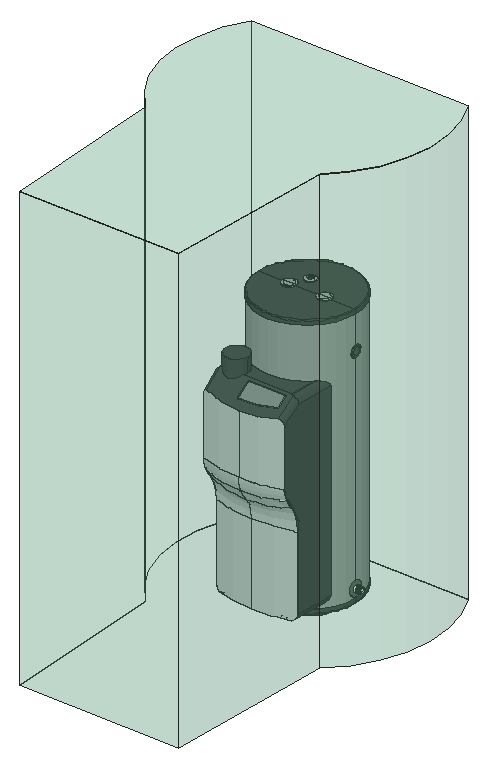
Revit family "Innovo FR_IR 32 380 FR LP", category Mechanical Equipment, Revit 2015
Parameters (values of type "IR-32-380 FR LP")
  largeur d'emballage = 786 mm  # constant formula
  l'Intervalle d'Entretien = "12 mois"  # constant formula
  Workspace Radius = Diameter + 170 mm  # 730 mm
  Workspace Height = Hauteur + 1000 mm  # 2545 mm
  Workspace Front Distance = 1000 mm
  Workspace [instance] = yes
  Valve Height 02 = if(and(Hauteur = 1745 mm, Diameter = 675 mm), 1518 mm, if(and(Hauteur = 1745 mm, Diameter = 610 mm), 1534 mm, if(Hauteur = 1545 mm, 1328 mm, 1070 mm)))  # 1328 mm
  Valve Height 01 = if(and(Diameter > 560 mm), 693 mm, 604 mm)  # 604 mm
  Valeur Maximale du Thermostat de Régulation = 85 °C  # constant formula
  Valeur Manimale du Thermostat de Régulation = 40 °C  # constant formula
  Valeur Défaut du Thermostat de Régulation = 65 °C  # constant formula
  URL = "www.aosmith.fr"
  Type d'Installation = "B23/C13/C33/C43/C53/C63"  # constant formula
  Type d'emballage = "Carton et bois"  # constant formula
  Tension d'Alimentation (-15%, +10%) = 230 V  # constant formula
  Température Maximale des Fumées = 45 °C
  Temps de réchauffement à ΔT = 70°C = "65"
  Temps de réchauffement à ΔT = 55°C = "52"
  Temps de réchauffement à ΔT = 50°C = "47"
  Temps de réchauffement à ΔT = 44°C = "41"
  Temps de réchauffement à ΔT = 28°C = "27"
  Spécifications du Produit = ""
  Réglages du thermostat du chauffe-eau = 65 °C  # constant formula
  Réglage Standard Pour = "G20/G25"
  Rendement Saisonnier (Hs) = [Rendement (Hs, acc. NEN-EN 89 - 1999)]  # 98
  Rendement (Hs, acc. NEN-EN 89 - 1999) = 98
  Rendement (Hi, acc. NEN-EN 89 - 1999) = 109
  Raccord Évacuation de la Condensation = 40 mm  # constant formula
  Raccord de la Soupape de Vidange = 3/4"
  Raccord de Sortie d'Eau Chaude = 3/4"
  Raccord de Gaz = 15"  # constant formula
  Raccord d'Alimentation en Eau Froide = 3/4"  # constant formula
  Raccord Robinet de Vidange = 3/4"  # constant formula
  Puissance Électrique Absorbée (sommet) = 85 W
  Puissance Électrique Absorbée (nominal) = 25 W
  Profondeur d'emballage = 946 mm  # constant formula
  Profondeur = 780 mm  # constant formula
  Profils de soutirage déclaré = "XL"
  Production Nominale = "11900.0/11600.0"
  Pression de Fonctionnement Maximale = 800000.0 Pa  # constant formula
  Pression Différentielle d'Ouverture de l'Interrupteur de Pression < = 115.0 Pa
  Pression Amont de Gaz = "2000/2500 Pa"
  Precaustions during assembling, installation or maintenance = "voir Manuel d'installation, d'emploi er d'entretien"  # constant formula
  Poids à vide = 106 kg
  Poids de Transport = 122 kg
  Phase = 1
  Pertes en Veille - tous les jours (24h) = 0 W
  Pertes en Veille = 0 W
  Nombre de modèle du produit (EAN) = "8717449285975"
  Niveau du Son dB (A) = "<45"  # constant formula
  Niveau de puissance acoustique à l'intérieur = "41 dB"
  NOx-émissions mg/kWh = "22.0/23.0"
  NOx-émissions (ven air, 0% O2) ppm = "14.0/14.0"
  Modèdele = "IR-12-200"
  Model = "IR-12-200 FR NAT"
  Marque commerciale = "A.O. Smith"  # constant formula
  Manufacturer = "A.O. Smith Water Products Company b.v."  # constant formula
  Largeur = Diameter  # 560 mm
  La commande intelligente = no
  L'efficacité énergétique pour le chauffage de l'eau (2) = "-"
  L'efficacité énergétique pour le chauffage de l'eau (1) = "94%"
  Hauteur du Raccordement au Gaz = 860 mm
  Hauteur de la Sortie d'eau Chaude = 1545 mm
  Hauteur de l'Alimentation en eau Froide = 170 mm
  Hauteur d'emballage = 1695 mm
  Hauteur Conduit d'Évacuation des Fumées = 1305 mm
  Hauteur Conduit d'Alimentation en Air = 1305 mm
  Hauteur = 1545 mm
  Guide de Produit = ""
  Garantie sur la Cuve = "36 mois"  # constant formula
  Garantie Pièces = "12 mois"  # constant formula
  Fréquence secteur = 50 Hz  # constant formula
  Forctionner qu'en heures creuses = no
  Fabricant No. = "E 7110"  # constant formula
  Epaisseur d'Isolation = 50 mm
  Débit de vidage à ΔT = 70°C après 90 min. = 350.0 L
  Débit de vidage à ΔT = 70°C après 60 min. = 270.0 L
  Débit de vidage à ΔT = 70°C après 30 min. = 200.0 L
  Débit de vidage à ΔT = 70°C après 120 min. = 420.0 L
  Débit de vidage à ΔT = 55°C après 90 min. = 460.0 L
  Débit de vidage à ΔT = 55°C après 60 min. = 370.0 L
  Débit de vidage à ΔT = 55°C après 30 min. = 270.0 L
  Débit de vidage à ΔT = 55°C après 120 min. = 560.0 L
  Débit de vidage à ΔT = 50°C après 90 min. = 510.0 L
  Débit de vidage à ΔT = 50°C après 60 min. = 410.0 L
  Débit de vidage à ΔT = 50°C après 30 min. = 310.0 L
  Débit de vidage à ΔT = 50°C après 120 min. = 610.0 L
  Débit de vidage à ΔT = 44°C après 90 min. = 590.0 L
  Débit de vidage à ΔT = 44°C après 60 min. = 470.0 L
  Débit de vidage à ΔT = 44°C après 30 min. = 360.0 L
  Débit de vidage à ΔT = 44°C après 120 min. = 710.0 L
  Débit de vidage à ΔT = 28°C après 90 min. = 950.0 L
  Débit de vidage à ΔT = 28°C après 60 min. = 760.0 L
  Débit de vidage à ΔT = 28°C après 30 min. = 580.0 L
  Débit de vidage à ΔT = 28°C après 120 min. = 1200.0 L
  Débit de vidage en Continu à ΔT = 70°C = 150.0 L/s
  Débit de vidage en Continu à ΔT = 55°C = 190.0 L/s
  Débit de vidage en Continu à ΔT = 50°C = 210.0 L/s
  Débit de vidage en Continu à ΔT = 44°C = 240.0 L/s
  Débit de vidage en Continu à ΔT = 28°C = 370.0 L/s
  Diamètre Cheminée - Système Parallèle = "2x80"  # constant formula
  Diamètre Cheminée - Système Concentrique = "80/125 mm/mm"  # constant formula
  Diamètre Cheminée - Boiler = "80/125 mm/mm"  # constant formula
  Diameter = 560 mm
  Destination / Country = "France"  # constant formula
  Description = "Préparateur ECS Solaire en Combinaison avec Réservoir de Stockage"  # constant formula
  D'autres profils de soutirage = "-"
  Created By = "http://www.cadcompany.nl/"
  Consommation de Gaz - Volume ltr/hr = "1.20/1.30"
  Consommation de Gaz - Masse kg/h = "a/p"
  Class d'efficacité énergétique (2) = "-"
  Class d'efficacité énergétique (1) = "A"  # constant formula
  Charge Nominale (Valeur Supérieure) = "12100.0/12100.0"
  Charge Nominale (Valeur Inférieure) = "10900.0/10600.0"
  Charge Maximale au Sol = 322 kg
  Catégorie de Gaz = "II2Esi3P"  # constant formula
  Capacité = 200.0 L
  CO2 Émissions (tol. +/- 1.0) vol% = "9.3/9.3"
  CE-PIN = "0063CQ3037"  # constant formula
  BIM Content Developer = "CAD & Company"  # constant formula
  Assembly Code = "D3010"
  Annual fuel consumption (2) = "-"
  Annual fuel consumption (1) = "16 GJ GCV"
  Annual electricity consumption (2) = "-"
  Annual electricity consumption (1) = "40 kWh"
  2ème Entretien (Entretien Général) = "12 mois après l'installation"  # constant formula
  1er Entretien (check-up) = "3 mois après l'installation"  # constant formula
Reference planes
  plane 1 "Center (Front/Back)": y = 0
  plane 2: z = 0
  plane 3 "Center (Left/Right)": x = 0
  plane 4 "Pipe": through (-383.901, 912.349, 194.799) normal (-0.0879, -0.0879, 0.9923)
  plane 5 "footing": y = 118.925
  plane 6 "footing front": y = -237.85
  plane 7: x = -280
  plane 8: x = 280
  plane 9: z = 1545
Forms (mm)
  Revolve 1, solid, material "RAL 9005", detail levels medium+fine
    sketch origin (0, -237.85, 0) x (-1, 0, 0) y (0, 0, 1)
      loop
        line (0, 28.9) -> (-15, 28.9) -> (-15, 26.4) -> (-8.671, 26.4) -> (-8.671, 18) -> (-5.686, 18) -> (-6.626, 17.06) -> (-6.626, 12.06) -> (-8.671, 12.06) -> (-8.671, 10) -> (-10.031, 10) -> (-23.271, 5.181)
        arc (-23.271, 5.181) -> (-23.763, 4.836) -> (-24.017, 4.293) r 1.159
        line (-24.017, 4.293) -> (-24.017, 1.03)
        arc (-24.017, 1.03) -> (-23.715, 0.302) -> (-22.986, 0) r 1.03
        line (-22.986, 0) -> (0, 0) -> (0, 28.9)
      axis (0, 28.9) -> (0, 0)
    angle from 0 to 360
  Revolve 2, solid, material "RAL 9005", detail levels medium+fine
    sketch origin (0, 118.925, 0) x (-1, 0, 0) y (0, 0, 1)
      loop
        line (-180.984, 28.9) -> (-195.984, 28.9) -> (-195.984, 26.4) -> (-189.655, 26.4) -> (-189.655, 18) -> (-186.67, 18) -> (-187.61, 17.06) -> (-187.61, 12.06) -> (-189.655, 12.06) -> (-189.655, 10) -> (-191.015, 10) -> (-204.256, 5.181)
        arc (-204.256, 5.181) -> (-204.747, 4.836) -> (-205.001, 4.293) r 1.159
        line (-205.001, 4.293) -> (-205.001, 1.03)
        arc (-205.001, 1.03) -> (-204.699, 0.302) -> (-203.971, 0) r 1.03
        line (-203.971, 0) -> (-180.984, 0) -> (-180.984, 28.9)
      axis (-180.984, 28.9) -> (-180.984, 0)
    angle from 0 to 360
  Revolve 3, solid, material "RAL 9005", detail levels medium+fine
    sketch origin (0, 118.925, 0) x (-1, 0, 0) y (0, 0, 1)
      loop
        line (179.016, 28.9) -> (164.016, 28.9) -> (164.016, 26.4) -> (170.345, 26.4) -> (170.345, 18) -> (173.33, 18) -> (172.39, 17.06) -> (172.39, 12.06) -> (170.345, 12.06) -> (170.345, 10) -> (168.985, 10) -> (155.744, 5.181)
        arc (155.744, 5.181) -> (155.253, 4.836) -> (154.999, 4.293) r 1.159
        line (154.999, 4.293) -> (154.999, 1.03)
        arc (154.999, 1.03) -> (155.301, 0.302) -> (156.029, 0) r 1.03
        line (156.029, 0) -> (179.016, 0) -> (179.016, 28.9)
      axis (179.016, 28.9) -> (179.016, 0)
    angle from 0 to 360
Lines and regions (mm)
  symbolic lines
    curve 1: line (0, 280.06, 0) -> (0, -280.06, 0)
    curve 2: line (-255.06, 0, 0) -> (255.06, 0, 0)
  symbolic lines, style "Workspace"
    curve 3: line (623.261, 380.06, 0) -> (-623.261, 380.06, 0)
    curve 4: arc (-623.261, 380.06, 0) -> (-726.942, -66.745, 0) -> (-543.632, -487.2, 0) r 730
    curve 5: line (-543.632, -487.2, 0) -> (-396.783, -1492.825, 0)
    curve 6: line (-396.783, -1492.825, 0) -> (399.03, -1492.825, 0)
    curve 7: line (399.03, -1492.825, 0) -> (545.76, -484.816, 0)
    curve 8: arc (545.76, -484.816, 0) -> (727.087, -65.154, 0) -> (623.261, 380.06, 0) r 730
Dimensions and locks
  plane 5 "footing" to plane 1 "Center (Front/Back)" = 118.925 mm
  plane 1 "Center (Front/Back)" to plane 6 "footing front" = 237.85 mm
  "Diameter": plane 7 to plane 8
  equal spacing: plane 7, plane 3 "Center (Left/Right)", plane 8
  "Hauteur": plane 9 to plane 2
  "Workspace Front Distance": curve 6 to nested 3
  "Workspace Radius": radius of curve 4
  "Workspace Radius": radius of curve 8
  aligned and locked: level to plane 2
  aligned and locked: nested 3 to Revolve 1 sketch curve
  aligned and locked: plane 3 "Center (Left/Right)" to Revolve 1 sketch curve
  aligned and locked: nested 3 to plane 1 "Center (Front/Back)"
  aligned and locked: plane 3 "Center (Left/Right)" to nested 3
  aligned and locked: nested 1 to plane 8
  aligned and locked: nested 5 to plane 8
  aligned and locked: nested 2 to plane 7
  aligned and locked: nested 4 to plane 7
  aligned and locked: nested 7 to plane 7
  aligned and locked: nested 8 to plane 3 "Center (Left/Right)"
  aligned and locked: nested 8 to nested 3
  aligned and locked: curve 3 to nested 8
Automatic sketch dimensions
  Revolve 1 sketch curve to level = 0 mm
  plane 3 "Center (Left/Right)" to Revolve 1 sketch curve = 5.686 mm
  Revolve 1 sketch curve to Revolve 1 sketch curve = 0.94 mm  (x2)
  Revolve 1 sketch curve to Revolve 1 sketch curve = 2.046 mm  (x2)
  Revolve 1 sketch curve to Revolve 1 sketch curve = 1.359 mm
  Revolve 1 sketch curve to Revolve 1 sketch curve = 6.329 mm
  level to Revolve 1 sketch curve = 4.091 mm
  Revolve 1 sketch curve to Revolve 1 sketch curve = 12.844 mm
  level to Revolve 1 sketch curve = 1.03 mm
  Revolve 1 sketch curve to Revolve 1 sketch curve = 0.111 mm
  level to Revolve 1 sketch curve = 5.181 mm
  Revolve 1 sketch curve to Revolve 1 sketch curve = 0.745 mm
  level to Revolve 1 sketch curve = 10 mm
  Revolve 1 sketch curve to Revolve 1 sketch curve = 2.06 mm
  Revolve 1 sketch curve to Revolve 1 sketch curve = 5 mm
  Revolve 1 sketch curve to Revolve 1 sketch curve = 8.4 mm
  Revolve 1 sketch curve to Revolve 1 sketch curve = 2.5 mm
  Revolve 1 sketch curve to level = 19.635 mm
  Revolve 1 sketch curve to Revolve 1 sketch curve = 46.465 mm
  Revolve 2 sketch curve to level = 0 mm
  level to Revolve 2 sketch curve = 1.03 mm
  Revolve 2 sketch curve to plane 8 = 74.999 mm
  level to Revolve 2 sketch curve = 5.181 mm
  Revolve 2 sketch curve to Revolve 2 sketch curve = 0.745 mm
  Revolve 2 sketch curve to Revolve 2 sketch curve = 0.397 mm
  Revolve 2 sketch curve to Revolve 2 sketch curve = 8.271 mm
  Revolve 2 sketch curve to Revolve 2 sketch curve = 13.241 mm
  Revolve 2 sketch curve to Revolve 2 sketch curve = 1.359 mm
  Revolve 2 sketch curve to Revolve 2 sketch curve = 6.329 mm
  Revolve 2 sketch curve to Revolve 2 sketch curve = 2.046 mm
  level to Revolve 2 sketch curve = 18 mm
  Revolve 2 sketch curve to Revolve 2 sketch curve = 0.94 mm  (x2)
  Revolve 2 sketch curve to Revolve 2 sketch curve = 8.671 mm
  Revolve 2 sketch curve to Revolve 2 sketch curve = 1.089 mm
  Revolve 2 sketch curve to Revolve 2 sketch curve = 8 mm
  Revolve 2 sketch curve to Revolve 2 sketch curve = 2.06 mm
  Revolve 2 sketch curve to Revolve 2 sketch curve = 8.4 mm
  Revolve 2 sketch curve to Revolve 2 sketch curve = 2.5 mm
  Revolve 2 sketch curve to Revolve 2 sketch curve = 0 mm
  Revolve 2 sketch curve to level = 19.635 mm
  Revolve 2 sketch curve to Revolve 2 sketch curve = 46.465 mm
  Revolve 3 sketch curve to level = 0 mm
  level to Revolve 3 sketch curve = 1.03 mm
  Revolve 3 sketch curve to plane 7 = 125.001 mm
  level to Revolve 3 sketch curve = 5.181 mm
  Revolve 3 sketch curve to Revolve 3 sketch curve = 0.745 mm
  Revolve 3 sketch curve to Revolve 3 sketch curve = 0.397 mm
  Revolve 3 sketch curve to Revolve 3 sketch curve = 8.271 mm
  Revolve 3 sketch curve to Revolve 3 sketch curve = 13.241 mm
  Revolve 3 sketch curve to Revolve 3 sketch curve = 1.359 mm
  Revolve 3 sketch curve to Revolve 3 sketch curve = 6.329 mm
  Revolve 3 sketch curve to Revolve 3 sketch curve = 2.046 mm
  level to Revolve 3 sketch curve = 18 mm
  Revolve 3 sketch curve to Revolve 3 sketch curve = 0.94 mm  (x2)
  Revolve 3 sketch curve to Revolve 3 sketch curve = 8.671 mm
  Revolve 3 sketch curve to Revolve 3 sketch curve = 1.089 mm
  Revolve 3 sketch curve to Revolve 3 sketch curve = 8 mm
  Revolve 3 sketch curve to Revolve 3 sketch curve = 2.06 mm
  Revolve 3 sketch curve to Revolve 3 sketch curve = 8.4 mm
  Revolve 3 sketch curve to Revolve 3 sketch curve = 2.5 mm
  Revolve 3 sketch curve to Revolve 3 sketch curve = 0 mm
  Revolve 3 sketch curve to level = 19.635 mm
  Revolve 3 sketch curve to Revolve 3 sketch curve = 46.465 mm
  curve 4 to curve 8 = 0 mm  (x2)
  plane 1 "Center (Front/Back)" to curve 2 = 0 mm
  curve 1 to plane 3 "Center (Left/Right)" = 0 mm
  plane 1 "Center (Front/Back)" to curve 4 = 0 mm
  curve 4 to plane 3 "Center (Left/Right)" = 0 mm
  curve 5 to plane 6 "footing front" = 249.35 mm
  plane 7 to curve 5 = 116.783 mm
  plane 8 to curve 7 = 119.03 mm
  curve 7 to plane 6 "footing front" = 246.966 mm
  curve 2 to plane 7 = 24.94 mm
  curve 2 to plane 8 = 24.94 mm
  curve 1 to plane 6 "footing front" = 42.21 mm
  plane 5 "footing" to curve 1 = 161.135 mm
Nested families
  nested 1: "Valve" at (280, -0.38, 1328) x (0, 1, 0) z (0, 0, 1), built-in parameter 1001364 <- "Valve Height 02", type "Valve"
  nested 2: "Drain Valve" at (-280, 0, 1328), built-in parameter 1001364 <- "Valve Height 02", type "Drain Valve"
  nested 3: "Housing Mother Housing S 57 (external)" at (0, -274.886, 0), type "Housing Mother_Housing S_57"
  nested 4: "Drain Valve" at (-280, 0, 177), type "Drain Valve"
  nested 5: "Drain Valve" at (280, 0, 107) x (-1, 0, 0) z (0, 0, 1), type "Drain Valve"
  nested 6: "Boiler" at (0, 0, 0), height <- "Hauteur", type "Boiler"
    with height 1545 mm
  nested 7: "Drain Valve" at (-280, 0, 604), built-in parameter 1001364 <- "Valve Height 01", type "Drain Valve"
  nested 8: "Innovo_workspace" at (0, 0, 0), Workspace Distance Front <- "Workspace Front Distance", Workspace <- "Workspace", Workspace Height <- "Workspace Height", Workspace Radius <- "Workspace Radius", type "Workspace"
    with Workspace Radius 730 mm, Workspace Height 2545 mm, Workspace Distance Front 1000 mm, Workspace yes, Center to Front 492.825 mm
Connectors
  piping at (314.826, 0, 107), diameter 19.05, driven by "Raccord Robinet de Vidange"
    settings: on nested 5, index 1, connector inside diameter 24", connector length 0 mm, flow factor 0, pipe flow 0.0 L/s, pressure drop 0.0 Pa, fitting loss kfactor 0, connector angle 0.00°, fixture units 0, engagement length 0 mm, angle of deflection 0.00°, flow configuration 0, flow direction 0, fitting loss method 0, system type 19, joint type 0, gender type 0, connector reference index -1, connector utility 0, adjustable connector no, is connector primary yes, connector description ""
  hvac at (-147.013, -321.326, 1310.674)
    settings: on nested 3, index 2, duct flow 0.0 L/s, flow factor 0, pres drop 0.0 Pa, loss coef 0, conn angle 0.00°, conn width 304.8 mm, conn height 304.8 mm, conn diameter 125 mm, duct sys type 4, conn prof type 0, flow config 0, flow direction 0, loss method 0, conn ref index -1, conn util no, is conn primary yes, conn desc ""
Definition of nested family "Valve"
  Parameters (values of type "Valve")
    Type Comments = "T&P valve (internal)"
    Manufacturer = "A.O. Smith"
  Reference planes
    plane 1 "Center (Front/Back)": y = 0
    plane 2: z = 0
    plane 3 "Center (Left/Right)": x = 0
  Forms (mm)
    Extrusion 1, solid, detail levels fine
      sketch origin (0, 0, 0) x (1, 0, 0) y (0, 0, 1)
        loop
          circle (0, 0) r 31.5
      from -2.271 to 1.4
    Sweep 2, solid, detail levels fine
      path origin (0, -1.4, 0) x (1, 0, 0) y (0, 0, 1)
        loop
          circle (0, 0) r 31.5
      profile origin (0, -1.4, 31.5) x (0, 0, -1) y (0, -1, 0)
        loop
          line (7.3, 0) -> (7.3, 3) -> (0, 0) -> (7.3, 0)
  Dimensions and locks
    aligned and locked: level to plane 2
Definition of nested family "Drain Valve"
  Reference planes
    plane 1 "Center (Front/Back)": y = 0
    plane 2: z = 0
    plane 3 "Center (Left/Right)": x = 0
  Forms (mm)
    Revolve 1, solid, detail levels medium+fine
      sketch origin (0, 0, 0) x (1, 0, 0) y (0, 0, 1)
        loop
          line (-33.442, 15.696) -> (-34.826, 14.329) -> (-34.93, 12.731) -> (-16.555, 12.731) -> (-16.555, 0) -> (15.787, 0) -> (15.787, 18.3) -> (-14.4, 18.3) -> (-17.148, 15.533) -> (-18.729, 16.697) -> (-20.091, 15.333) -> (-21.672, 16.496) -> (-23.034, 15.133) -> (-24.614, 16.296) -> (-25.976, 14.932) -> (-27.557, 16.096) -> (-28.919, 14.732) -> (-30.5, 15.896) -> (-31.862, 14.532) -> (-33.442, 15.696)
        axis (-34.93, 0) -> (15.787, 0)
      angle from 0 to 360
  Dimensions and locks
    aligned and locked: level to plane 2
  Nested families
    nested 1: "Rubber sealing" at (2.592, -0.155, 0) x (0.0023, -1, 0) z (0, 0, 1), type "Rubber sealing", detail levels fine
  Definition of nested family "Rubber sealing"
    Reference planes
      plane 1 "Center (Front/Back)": y = 0
      plane 2: z = 0
      plane 3 "Center (Left/Right)": x = 0
    Forms (mm)
      Extrusion 1, solid, detail levels fine
        sketch origin (141.861, 319.581, 0) x (1, 0, 0) y (0, 1, 0)
          loop
            line (-216.354, -311.898) -> (-216.354, -313.94)
            arc (-216.354, -313.94) -> (-141.602, -321.581) -> (-66.861, -313.835) r 366.966
            line (-66.861, -313.835) -> (-66.861, -311.791)
            arc (-66.861, -311.791) -> (-141.602, -319.581) -> (-216.354, -311.898) r 364.966
        from -80 to 80
      Extrusion 2, void
        sketch origin (141.861, 319.581, 0) x (1, 0, 0) y (0, 0, 1)
          loop
            circle (-141.861, 0) r 13
          loop
            circle (-141.861, 0) r 110
          loop
            circle (-141.861, 0) r 40
        from 311.563 to 332.684
      Extrusion 3, void
        sketch origin (141.861, 319.581, 0) x (1, 0, 0) y (0, 0, 1)
          loop
            circle (-141.861, 0) r 18.25
        from 315.524 to 326.084
    Cuts and joins
      Extrusion 2, Extrusion 3 cuts Extrusion 1
    Dimensions and locks
      aligned and locked: level to plane 2
Definition of nested family "Housing Mother Housing S 57 (external)"
  Parameters (values of type "Housing Mother_Housing S_57")
    radius [instance] = 280 mm
    distance to boiler center = if(diameter = 675 mm, 189 mm, if(diameter = 610 mm, 154 mm, 129 mm))  # 129 mm
    diameter = 560 mm
  Reference planes
    plane 1 "Center (Front/Back)": y = 0
    plane 2: z = 0
    plane 3 "Center (Left/Right)": x = 0
    plane 4 "left": through (-245.286, 145.886, 1200) normal (0.9994, 0.0349, 0)
    plane 5: y = -217.939
    plane 6: y = 145.886
    plane 7: z = 1232.6
    plane 8: z = 65.89
    plane 9 "right": through (245.286, 145.886, 1200) normal (0.9994, -0.0349, 0)
    plane 10 "display": through (0, -90.37, 1221.196) normal (0, -0.5736, 0.8192)
    plane 11 "Potentiostat": z = 867.899
    plane 12 "boiler center": y = 274.886
    plane 13: x = -280
    plane 14: x = 280
  Forms (mm)
    Extrusion 1, solid
      sketch origin (0, 0, 0) x (1, 0, 0) y (0, 1, 0)
        loop
          line (-245.286, 145.886) -> (-232.581, -217.939) -> (232.581, -217.939) -> (245.286, 145.886)
          arc (245.286, 145.886) -> (0, 0.923) -> (-245.286, 145.886) r 280
      from 0 to 1232.6
    Sweep 2, void
      path origin (0, 0, 0) x (0, 1, 0) y (0, 0, 1)
        loop
          line (-217.939, 1232.6) -> (-217.939, 795.555)
          arc (-217.939, 795.555) -> (-212.387, 754.285) -> (-197.694, 715.322) r 183.924
          arc (-197.694, 715.322) -> (-179.915, 684.628) -> (-159.106, 655.901) r 348.284
          arc (-159.106, 655.901) -> (-131.411, 600.328) -> (-121.88, 538.973) r 202.254
          line (-121.88, 538.973) -> (-121.88, 61.106)
      profile origin (0, -217.939, 1014.077) x (1, 0, 0) y (0, 1, 0)
        loop
          arc (0, 0) -> (-117.533, 9.941) -> (-231.728, 39.475) r 699.984
          arc (-231.728, 39.475) -> (-233.391, 40.705) -> (-234.07, 42.659) r 3.505
          line (-234.07, 42.659) -> (-254.062, 42.659) -> (-254.062, -142.593) -> (254.07, -142.593) -> (254.07, 42.659) -> (234.07, 42.659)
          arc (234.07, 42.659) -> (233.391, 40.705) -> (231.728, 39.475) r 3.505
          arc (231.728, 39.475) -> (117.533, 9.941) -> (0, 0) r 699.984
    Extrusion 3, void
      sketch origin (0, 0, 0) x (0, 1, 0) y (0, 0, 1)
        loop
          arc (102.864, 70.869) -> (99.804, 70.709) -> (96.874, 69.813) r 12.57
          arc (96.874, 69.813) -> (87.878, 66.533) -> (78.516, 64.529) r 69.114
          arc (78.516, 64.529) -> (76.41, 64.284) -> (74.294, 64.148) r 41.206
          arc (74.294, 64.148) -> (65.203, 64.335) -> (56.122, 64.782) r 318.661
          arc (56.122, 64.782) -> (30.585, 66.179) -> (5.028, 67.128) r 1456.581
          line (5.028, 67.128) -> (-84.534, 73.135)
          arc (-84.534, 73.135) -> (-86.363, 73.808) -> (-87.536, 75.365) r 3.455
          line (-87.536, 75.365) -> (-264.473, 75.365) -> (-264.473, 0) -> (160.886, 0) -> (160.886, 103.945) -> (145.886, 103.945)
          arc (145.886, 103.945) -> (145.104, 97.827) -> (142.923, 92.059) r 26.364
          arc (142.923, 92.059) -> (141.067, 88.936) -> (138.867, 86.045) r 31.715
          arc (138.867, 86.045) -> (135.576, 82.49) -> (132.021, 79.2) r 62.615
          arc (132.021, 79.2) -> (125.841, 74.697) -> (119.091, 71.103) r 54.444
          arc (119.091, 71.103) -> (116.371, 70.272) -> (113.531, 70.123) r 11.669
          line (113.531, 70.123) -> (102.864, 70.869)
      from -254.062 to 254.07
    Sweep 4, void
      path origin (0, 0, 0) x (1, 0, 0) y (0, 1, 0)
        loop
          line (-245.286, 145.886) -> (-232.581, -217.939)
      profile origin (-238.933, -36.027, 0) x (0.999391, 0.034899, 0) y (0, 0, 1)
        loop
          line (-4.454, 0) -> (47.084, 0) -> (47.084, 73.431)
          arc (47.084, 73.431) -> (14.222, 85.134) -> (0.255, 117.1) r 43.922
          line (0.255, 117.1) -> (-4.454, 117.1) -> (-4.454, 0)
    Sweep 5, void
      path origin (0, 0, 0) x (-1, 0, 0) y (0, 1, 0)
        loop
          line (-245.286, 145.886) -> (-232.581, -217.939)
      profile origin (238.933, -36.027, 0) x (0.999391, -0.034899, 0) y (0, 0, 1)
        loop
          line (4.454, 0) -> (4.454, 117.1) -> (-0.255, 117.1)
          arc (-0.255, 117.1) -> (-14.222, 85.134) -> (-47.084, 73.431) r 43.922
          line (-47.084, 73.431) -> (-47.084, 0) -> (4.454, 0)
    Sweep 6, void
      path origin (-239.899, -8.377, 0) x (-0.034899, 0.999391, 0) y (0, 0, 1)
        loop
          line (-209.69, 1141.272) -> (-79.18, 1232.6) -> (154.358, 1232.6)
      profile origin (-241.211, 29.188, 1232.6) x (0, 0, 1) y (0.999391, 0.034899, 0)
        loop
          line (-45, -30) -> (75, -30) -> (75, 0) -> (75, 55) -> (2.799, 55) -> (-1.253, 35.128)
          arc (-1.253, 35.128) -> (-16.771, 9.564) -> (-45, -0.308) r 44.287
          line (-45, -0.308) -> (-45, -30)
    Sweep 7, void
      path origin (239.899, -8.377, 0) x (0.034899, 0.999391, 0) y (0, 0, 1)
        loop
          line (-209.69, 1141.272) -> (-79.18, 1232.6) -> (154.358, 1232.6)
      profile origin (241.211, 29.188, 1232.6) x (0, 0, -1) y (-0.999391, 0.034899, 0)
        loop
          line (-75, -25) -> (45, -25) -> (45, -0.308)
          arc (45, -0.308) -> (16.771, 9.564) -> (1.253, 35.128) r 44.287
          line (1.253, 35.128) -> (-2.799, 55) -> (-75, 55) -> (-75, -25)
    Extrusion 8, void
      sketch origin (0, 0, 0) x (0, 1, 0) y (0, 0, 1)
        loop
          line (-270, 1336.099) -> (-270, 1099.081) -> (68.497, 1336.099) -> (-270, 1336.099)
      from -425.038 to 444.42
    Extrusion 9, solid, detail levels medium+fine
      sketch origin (0, 0, 0) x (1, 0, 0) y (0, 1, 0)
        loop
          circle (-147.013, -46.44) r 65
      from 1163.174 to 1310.674
    Extrusion 10, void
      sketch origin (0, -603.506, 861.895) x (0, 0.819152, 0.573576) y (-1, 0, 0)
        loop
          arc (618.322, -173) -> (623.272, -170.95) -> (625.322, -166) r 7
          line (625.322, -166) -> (625.322, 35)
          arc (625.322, 35) -> (623.272, 39.95) -> (618.322, 42) r 7
          line (618.322, 42) -> (535.473, 42)
          arc (535.473, 42) -> (530.688, 40.11) -> (528.488, 35.46) r 7
          arc (528.488, 35.46) -> (531.569, -67.592) -> (554.18, -168.18) r 540
          arc (554.18, -168.18) -> (556.724, -171.668) -> (560.831, -173) r 7
          line (560.831, -173) -> (618.322, -173)
      from 0 to 137.286
    Sweep 11, solid, detail levels fine
      path origin (0, 0, 867.899) x (-1, 0, 0) y (0, -1, 0)
        loop
          line (309.749, -35.617) -> (204.371, -35.617)
          arc (204.371, -35.617) -> (196.509, -34.687) -> (189.082, -31.947) r 33.677
          line (189.082, -31.947) -> (-9.574, 69.274)
      profile origin (-257.06, 35.617, 867.899) x (0, 1, 0) y (0, 0, 1)
        loop
          circle (0, 0) r 7.316
        loop
          circle (0, 0) r 6.465
    Revolve 12, void
      sketch origin (0, 274.886, 0) x (-1, 0, 0) y (0, 0, 1)
        loop
          line (280, 1243.838) -> (0, 1243.838) -> (0, 54.9) -> (280, 54.9) -> (280, 1243.838)
        axis (0, 1243.838) -> (0, 54.9)
      angle from 0 to 360
  Cuts and joins
    Sweep 2, Extrusion 3, Sweep 4, Sweep 5, Sweep 6, Sweep 7, Extrusion 8, Extrusion 10, Revolve 12 cuts Extrusion 1
  Dimensions and locks
    plane 8 to plane 2 = 65.89 mm
    plane 7 to plane 8 = 1166.71 mm
    "distance to boiler center": plane 12 "boiler center" to plane 6
    "diameter": plane 14 to plane 13
    equal spacing: plane 14, plane 3 "Center (Left/Right)", plane 13
    "radius": plane 3 "Center (Left/Right)" to plane 13
    aligned and locked: level to plane 2
    aligned and locked: Extrusion 1 to plane 7
    aligned and locked: Extrusion 1 sketch curve to plane 5
    aligned and locked: Sweep 2 to Extrusion 3
    aligned and locked: Extrusion 3 to Sweep 2  (x2)
    aligned and locked: plane 7 to Sweep 2 sketch curve
    aligned and locked: plane 3 "Center (Left/Right)" to Revolve 12 sketch curve
    aligned and locked: Revolve 12 sketch curve to plane 3 "Center (Left/Right)"
    aligned and locked: plane 13 to Revolve 12 sketch curve
  Automatic sketch dimensions
    Extrusion 1 sketch curve to plane 4 "left" = 0 mm  (x2)
    Extrusion 1 sketch curve to plane 6 = 0 mm  (x2)
    Extrusion 1 sketch curve to plane 3 "Center (Left/Right)" = 0 mm
    Extrusion 1 sketch curve to plane 9 "right" = 0 mm
    plane 6 to Extrusion 1 sketch curve = 135.037 mm
    Sweep 2 sketch curve to plane 5 = 0 mm
    plane 5 to Sweep 2 sketch curve = 106.195 mm
    Sweep 2 sketch curve to plane 5 = 96.059 mm
    plane 1 "Center (Front/Back)" to Sweep 2 sketch curve = 34.053 mm
    plane 11 "Potentiostat" to Sweep 2 sketch curve = 6.417 mm
    Sweep 2 sketch curve to plane 6 = 33.705 mm
    Sweep 2 sketch curve to plane 11 "Potentiostat" = 68.615 mm
    Sweep 2 sketch curve to plane 11 "Potentiostat" = 72.345 mm
    Sweep 2 sketch curve to Sweep 2 sketch curve = 176.349 mm
    Sweep 2 sketch curve to Sweep 2 sketch curve = 0 mm  (x2)
    plane 8 to Sweep 2 sketch curve = 4.784 mm
    Extrusion 3 sketch curve to level = 0 mm
    Extrusion 3 sketch curve to plane 6 = 0 mm
    Extrusion 3 sketch curve to plane 6 = 26.363 mm
    Extrusion 3 sketch curve to Extrusion 3 sketch curve = 4.75 mm
    Extrusion 3 sketch curve to Extrusion 3 sketch curve = 5.179 mm
    Extrusion 3 sketch curve to plane 8 = 4.232 mm
    Extrusion 3 sketch curve to Extrusion 3 sketch curve = 0.814 mm
    Extrusion 3 sketch curve to plane 8 = 4.978 mm
    Extrusion 3 sketch curve to Extrusion 3 sketch curve = 10.667 mm
    Extrusion 3 sketch curve to Extrusion 3 sketch curve = 0.877 mm
    Extrusion 3 sketch curve to Extrusion 3 sketch curve = 17.827 mm
    Extrusion 3 sketch curve to Extrusion 3 sketch curve = 5.646 mm
    Extrusion 3 sketch curve to plane 6 = 69.562 mm
    Extrusion 3 sketch curve to Extrusion 3 sketch curve = 18.6 mm
    Extrusion 3 sketch curve to Extrusion 3 sketch curve = 22.538 mm
    Extrusion 3 sketch curve to plane 8 = 1.238 mm
    Extrusion 3 sketch curve to plane 1 "Center (Front/Back)" = 5.028 mm
    plane 1 "Center (Front/Back)" to Extrusion 3 sketch curve = 36.224 mm
    Extrusion 3 sketch curve to plane 8 = 10.692 mm
    plane 1 "Center (Front/Back)" to Extrusion 3 sketch curve = 84.302 mm
    Extrusion 3 sketch curve to plane 8 = 7.244 mm
    Extrusion 3 sketch curve to Extrusion 3 sketch curve = 0.231 mm
    Extrusion 3 sketch curve to Extrusion 3 sketch curve = 3.234 mm
    plane 5 to Extrusion 3 sketch curve = 46.534 mm
    plane 6 to Extrusion 3 sketch curve = 15 mm
    Extrusion 3 sketch curve to level = 1388.869 mm
    plane 8 to Extrusion 3 sketch curve = 7.561 mm
    Extrusion 3 sketch curve to Extrusion 3 sketch curve = 11.64 mm
    Extrusion 3 sketch curve to plane 8 = 38.054 mm
    Extrusion 3 sketch curve to Extrusion 3 sketch curve = 22.442 mm
    Extrusion 3 sketch curve to plane 8 = 39.432 mm
    Extrusion 3 sketch curve to Extrusion 3 sketch curve = 2.466 mm
    Extrusion 3 sketch curve to Extrusion 3 sketch curve = 14.17 mm
    Extrusion 3 sketch curve to Extrusion 3 sketch curve = 5.925 mm
    Extrusion 3 sketch curve to Extrusion 3 sketch curve = 6.186 mm
    Extrusion 3 sketch curve to Extrusion 3 sketch curve = 249.85 mm
    Extrusion 3 sketch curve to Extrusion 3 sketch curve = 0 mm  (x4)
    Extrusion 3 sketch curve to Extrusion 3 sketch curve = 6.845 mm
    plane 8 to Extrusion 3 sketch curve = 1.743 mm
    Sweep 4 sketch curve to plane 4 "left" = 0 mm  (x2)
    Sweep 4 sketch curve to plane 6 = 0 mm
    plane 5 to Sweep 4 sketch curve = 0 mm
    Sweep 4 sketch curve to level = 0 mm
    profile plane to Sweep 4 sketch curve = 4.454 mm
    Sweep 4 sketch curve to profile plane = 0.255 mm
    Sweep 4 sketch curve to Sweep 4 sketch curve = 43.922 mm
    Sweep 4 sketch curve to profile plane = 47.084 mm
    level to Sweep 4 sketch curve = 73.431 mm
    Sweep 4 sketch curve to Sweep 4 sketch curve = 43.669 mm
    Sweep 5 sketch curve to plane 6 = 0 mm
    Sweep 5 sketch curve to plane 9 "right" = 0 mm  (x2)
    plane 5 to Sweep 5 sketch curve = 0 mm
    Sweep 5 sketch curve to level = 0 mm
    profile plane to Sweep 5 sketch curve = 47.084 mm
    Sweep 5 sketch curve to Sweep 5 sketch curve = 2.907 mm
    profile plane to Sweep 5 sketch curve = 0.255 mm
    Sweep 5 sketch curve to profile plane = 4.454 mm
    level to Sweep 5 sketch curve = 73.431 mm
    Sweep 5 sketch curve to Sweep 5 sketch curve = 43.669 mm
    Sweep 6 sketch curve to plane 7 = 0 mm
    plane 7 to Sweep 6 sketch curve = 91.328 mm
    Sweep 6 sketch curve to Sweep 6 sketch curve = 130.509 mm
    Sweep 6 sketch curve to Sweep 6 sketch curve = 233.538 mm
    Sweep 6 sketch curve to plane 4 "left" = 0 mm
    profile plane to Sweep 6 sketch curve = 45 mm
    Sweep 6 sketch curve to Sweep 6 sketch curve = 0.354 mm
    profile plane to Sweep 6 sketch curve = 1.253 mm
    Sweep 6 sketch curve to profile plane = 2.799 mm
    Sweep 6 sketch curve to Sweep 6 sketch curve = 72.201 mm
    Sweep 6 sketch curve to plane 4 "left" = 0.308 mm
    Sweep 6 sketch curve to Sweep 6 sketch curve = 29.692 mm
    plane 4 "left" to Sweep 6 sketch curve = 35.128 mm
    plane 4 "left" to Sweep 6 sketch curve = 55 mm
    Sweep 7 sketch curve to plane 7 = 0 mm
    Sweep 7 sketch curve to plane 7 = 91.328 mm
    Sweep 7 sketch curve to Sweep 7 sketch curve = 130.509 mm
    Sweep 7 sketch curve to Sweep 7 sketch curve = 233.538 mm
    Sweep 7 sketch curve to plane 9 "right" = 25 mm
    profile plane to Sweep 7 sketch curve = 75 mm
    profile plane to Sweep 7 sketch curve = 2.799 mm
    Sweep 7 sketch curve to profile plane = 1.253 mm
    Sweep 7 sketch curve to Sweep 7 sketch curve = 43.393 mm
    Sweep 7 sketch curve to profile plane = 45 mm
    Sweep 7 sketch curve to plane 9 "right" = 0.308 mm
    plane 9 "right" to Sweep 7 sketch curve = 35.128 mm
    Sweep 7 sketch curve to Sweep 7 sketch curve = 19.872 mm
    plane 5 to Extrusion 8 sketch curve = 52.061 mm
    Extrusion 8 sketch curve to plane 1 "Center (Front/Back)" = 68.497 mm
    plane 7 to Extrusion 8 sketch curve = 133.519 mm
    Extrusion 8 sketch curve to plane 7 = 103.499 mm
    plane 1 "Center (Front/Back)" to Extrusion 9 sketch curve = 46.44 mm
    Extrusion 9 sketch curve to plane 3 "Center (Left/Right)" = 147.013 mm
    Extrusion 10 sketch curve to plane 3 "Center (Left/Right)" = 0 mm
    Extrusion 10 sketch curve to plane 3 "Center (Left/Right)" = 35 mm
    Extrusion 10 sketch curve to Extrusion 10 sketch curve = 25.359 mm
    Extrusion 10 sketch curve to Extrusion 10 sketch curve = 57.491 mm
    Extrusion 10 sketch curve to plane 3 "Center (Left/Right)" = 42 mm
    Extrusion 10 sketch curve to Extrusion 10 sketch curve = 82.85 mm
    Extrusion 10 sketch curve to Extrusion 10 sketch curve = 7 mm
    Extrusion 10 sketch curve to Extrusion 10 sketch curve = 442 mm
    plane 3 "Center (Left/Right)" to Extrusion 10 sketch curve = 166 mm
    Extrusion 10 sketch curve to Extrusion 10 sketch curve = 0 mm  (x2)
    Sweep 11 sketch curve to plane 1 "Center (Front/Back)" = 31.947 mm
    Sweep 11 sketch curve to plane 3 "Center (Left/Right)" = 189.082 mm
    Sweep 11 sketch curve to plane 1 "Center (Front/Back)" = 1.94 mm
    Sweep 11 sketch curve to Sweep 11 sketch curve = 15.289 mm
    plane 3 "Center (Left/Right)" to Sweep 11 sketch curve = 9.574 mm
    Sweep 11 sketch curve to Sweep 11 sketch curve = 105.378 mm
    plane 1 "Center (Front/Back)" to Sweep 11 sketch curve = 69.274 mm
    Sweep 11 sketch curve to Sweep 11 sketch curve = 0 mm  (x2)
    Sweep 11 sketch curve to plane 11 "Potentiostat" = 0 mm
    Sweep 11 sketch curve to profile plane = 0 mm
    plane 8 to Revolve 12 sketch curve = 10.99 mm
    Revolve 12 sketch curve to plane 7 = 11.238 mm
    Revolve 12 sketch curve to level = 366.045 mm
    Revolve 12 sketch curve to Revolve 12 sketch curve = 971.917 mm
    Sweep 2 sketch curve to plane 3 "Center (Left/Right)" = 0 mm
    profile plane to Sweep 2 sketch curve = 0 mm
    Sweep 2 sketch curve to plane 3 "Center (Left/Right)" = 0.016 mm
    Sweep 2 sketch curve to profile plane = 42.782 mm  (x2)
    Sweep 2 sketch curve to plane 3 "Center (Left/Right)" = 230.568 mm
    plane 3 "Center (Left/Right)" to Sweep 2 sketch curve = 0.016 mm
    plane 3 "Center (Left/Right)" to Sweep 2 sketch curve = 230.568 mm
    Sweep 2 sketch curve to Sweep 2 sketch curve = 3.502 mm  (x2)
    Sweep 2 sketch curve to Sweep 2 sketch curve = 20 mm
    profile plane to Sweep 2 sketch curve = 142.593 mm
    Sweep 2 sketch curve to Sweep 2 sketch curve = 0.122 mm  (x2)
    Sweep 2 sketch curve to Sweep 2 sketch curve = 657.203 mm
    Sweep 2 sketch curve to Sweep 2 sketch curve = 19.991 mm
    radius of Extrusion 9 sketch curve = 65 mm
    radius of Sweep 11 sketch curve = 7.316 mm
    radius of Sweep 11 sketch curve = 6.465 mm
  Nested families
    nested 1: "display" at (65.5, -130.939, 1192.79) x (-1, 0, 0) z (0, -0.5736, 0.8192), type "display"
  Definition of nested family "display"
    Parameters (values of type "display")
      Default Elevation = 1219.2 mm
    Reference planes
      plane 1 "Center (Front/Back)": y = 0
      plane 2: z = 0
      plane 3 "Center (Left/Right)": x = 0
    Forms (mm)
      Extrusion 1, solid, detail levels medium+fine
        sketch origin (-16.958, 11.842, -343.878) x (1, 0, 0) y (0, 0, -1)
          loop
            line (-233.523, -343.878) -> (-233.523, -346.592) -> (332.686, -346.592) -> (332.686, -343.878) -> (-233.523, -343.878)
        from -228.7 to 150.822
      Extrusion 2, void
        sketch origin (-16.958, 6.842, -343.878) x (1, 0, 0) y (0, 1, 0)
          loop
            line (-233.523, 155.822) -> (-233.523, -223.7) -> (332.686, -223.7) -> (332.686, 155.822) -> (-233.523, 155.822)
          loop
            arc (-90.542, -48.267) -> (-88.492, -53.216) -> (-83.542, -55.267) r 7
            line (-83.542, -55.267) -> (117.458, -55.267)
            arc (117.458, -55.267) -> (122.408, -53.216) -> (124.458, -48.267) r 7
            line (124.458, -48.267) -> (124.458, 34.583)
            arc (124.458, 34.583) -> (122.568, 39.368) -> (117.918, 41.568) r 7
            arc (117.918, 41.568) -> (14.866, 38.487) -> (-85.722, 15.876) r 540
            arc (-85.722, 15.876) -> (-89.21, 13.332) -> (-90.542, 9.224) r 7
            line (-90.542, 9.224) -> (-90.542, -48.267)
        from 328.878 to 363.083
    Cuts and joins
      Extrusion 2 cuts Extrusion 1
    Dimensions and locks
      aligned and locked: level to plane 2
Definition of nested family "Boiler"
  Parameters (values of type "Boiler")
    radius [instance] = 280 mm
    height [instance] = 1270 mm
    Diameter = 560 mm
  Reference planes
    plane 1 "Center (Front/Back)": y = 0
    plane 2: z = 0
    plane 3 "Center (Left/Right)": x = 0
    plane 4: z = 1243.838
    plane 5: z = 1270
    plane 6 "bottom": z = 28.9
    plane 7: z = 54.9
    plane 8 "top controle": y = 88
    plane 9: x = -280
    plane 10: x = 280
  Forms (mm)
    Revolve 1, solid
      sketch origin (0, 0, 0) x (1, 0, 0) y (0, 0, 1)
        loop
          line (0, 54.9) -> (-280, 54.9) -> (-280, 32.9)
          arc (-280, 32.9) -> (-278.828, 30.072) -> (-276, 28.9) r 4
          line (-276, 28.9) -> (0, 28.9) -> (0, 54.9)
        axis (0, 28.9) -> (0, 54.9)
      angle from 0 to 360
    Revolve 2, solid
      sketch origin (1.311, 0, 0) x (1, 0, 0) y (0, 0, 1)
        loop
          line (-278.86, 1243.838) -> (-278.86, 54.9) -> (-1.311, 54.9) -> (-1.311, 1243.838) -> (-278.86, 1243.838)
        axis (-1.311, 1243.838) -> (-1.311, 54.9)
      angle from 0 to 360
    Revolve 3, solid
      sketch origin (-9.205, 0, 377.212) x (-1, 0, 0) y (0, 0, 1)
        loop
          line (-148.904, 892.788) -> (-110.805, 892.788) -> (-110.805, 895.963) -> (-141.883, 895.963) -> (-148.904, 893.62) -> (-148.904, 892.788)
        axis (-110.805, 892.788) -> (-110.805, 895.963)
      angle from 0 to 360
    Revolve 4, solid
      sketch origin (0, 0, 718.065) x (1, 0, 0) y (0, 0, -1)
        loop
          line (0, -525.773) -> (-280, -525.773) -> (-280, -547.935)
          arc (-280, -547.935) -> (-278.828, -550.763) -> (-276, -551.935) r 4
          line (-276, -551.935) -> (0, -551.935) -> (0, -525.773)
        axis (0, -551.935) -> (0, -525.773)
      angle from 0 to 360
    Revolve 5, solid
      sketch origin (0, 88, 0) x (1, 0, 0) y (0, 0, 1)
        loop
          line (-19.051, 1270) -> (-19.051, 1271.074) -> (-32.63, 1275.604) -> (-32.63, 1271.117) -> (-37.266, 1271.117) -> (-38.383, 1270) -> (-19.051, 1270)
        axis (-50.8, 1270) -> (-50.8, 1275.604)
      angle from 0 to 360
    Revolve 6, solid
      sketch origin (-217.12, 0, 372.245) x (-1, 0, 0) y (0, 0, 1)
        loop
          line (-153.622, 897.755) -> (-115.52, 897.755) -> (-115.52, 900.93) -> (-146.626, 900.93) -> (-153.622, 898.596) -> (-153.622, 897.755)
        axis (-115.52, 897.755) -> (-115.52, 900.93)
      angle from 0 to 360
  Dimensions and locks
    "height": plane 5 to plane 2
    plane 6 "bottom" to plane 2 = 28.9 mm
    locked: plane 5 to plane 4 at 26.162
    locked: plane 1 "Center (Front/Back)" to plane 8 "top controle" at 88
    "Diameter": plane 10 to plane 9
    equal spacing: plane 10, plane 3 "Center (Left/Right)", plane 9
    "radius": plane 3 "Center (Left/Right)" to plane 9
    locked: plane 9 to Revolve 2 sketch curve at 2.452
    aligned and locked: level to plane 2
    aligned and locked: Revolve 2 sketch curve to plane 7
    aligned and locked: Revolve 2 sketch curve to plane 4
    aligned and locked: Revolve 1 sketch curve to plane 7
    aligned and locked: plane 6 "bottom" to Revolve 1 sketch curve
    aligned and locked: Revolve 4 sketch curve to plane 3 "Center (Left/Right)"
    aligned and locked: plane 5 to Revolve 4 sketch curve
    aligned and locked: Revolve 4 sketch curve to plane 4
    aligned and locked: plane 9 to Revolve 4 sketch curve
    aligned and locked: Revolve 1 sketch curve to plane 9
    aligned and locked: Revolve 2 sketch curve to plane 3 "Center (Left/Right)"
    aligned and locked: plane 3 "Center (Left/Right)" to Revolve 2 sketch curve
  Automatic sketch dimensions
    Revolve 1 sketch curve to plane 3 "Center (Left/Right)" = 0 mm  (x2)
    Revolve 1 sketch curve to Revolve 1 sketch curve = 4 mm
    Revolve 1 sketch curve to level = 40 mm
    Revolve 1 sketch curve to Revolve 1 sketch curve = 305.1 mm
    Revolve 2 sketch curve to level = 366.045 mm
    Revolve 2 sketch curve to plane 5 = 945.755 mm
    Revolve 3 sketch curve to plane 5 = 0 mm
    Revolve 3 sketch curve to plane 3 "Center (Left/Right)" = 139.699 mm
    plane 5 to Revolve 3 sketch curve = 3.175 mm
    Revolve 3 sketch curve to Revolve 3 sketch curve = 7.022 mm
    Revolve 3 sketch curve to Revolve 3 sketch curve = 31.078 mm
    Revolve 3 sketch curve to Revolve 3 sketch curve = 0.832 mm
    Revolve 3 sketch curve to Revolve 3 sketch curve = 0 mm
    Revolve 3 sketch curve to Revolve 3 sketch curve = 2.338 mm
    Revolve 3 sketch curve to Revolve 3 sketch curve = 4.487 mm
    Revolve 4 sketch curve to plane 3 "Center (Left/Right)" = 0 mm
    Revolve 4 sketch curve to Revolve 4 sketch curve = 4 mm
    Revolve 4 sketch curve to Revolve 4 sketch curve = 68.738 mm
    Revolve 4 sketch curve to Revolve 4 sketch curve = 305.1 mm
    Revolve 6 sketch curve to plane 5 = 0 mm
    plane 3 "Center (Left/Right)" to Revolve 6 sketch curve = 63.497 mm
    plane 5 to Revolve 6 sketch curve = 3.175 mm
    Revolve 6 sketch curve to Revolve 6 sketch curve = 6.997 mm
    Revolve 6 sketch curve to Revolve 6 sketch curve = 31.106 mm
    Revolve 6 sketch curve to Revolve 6 sketch curve = 0.84 mm
    Revolve 6 sketch curve to Revolve 6 sketch curve = 0 mm
    Revolve 6 sketch curve to Revolve 6 sketch curve = 7.216 mm
    Revolve 6 sketch curve to Revolve 6 sketch curve = 0.391 mm
    Revolve 5 sketch curve to Revolve 5 sketch curve = 13.578 mm
    Revolve 5 sketch curve to Revolve 5 sketch curve = 1.074 mm
    Revolve 5 sketch curve to Revolve 5 sketch curve = 12.417 mm
    Revolve 5 sketch curve to Revolve 5 sketch curve = 5.753 mm
    Revolve 5 sketch curve to plane 5 = 1.117 mm
    Revolve 5 sketch curve to Revolve 5 sketch curve = 1.117 mm
    plane 5 to Revolve 5 sketch curve = 4.396 mm
    Revolve 5 sketch curve to plane 5 = 0 mm
    Revolve 5 sketch curve to Revolve 5 sketch curve = 4.487 mm
    Revolve 5 sketch curve to plane 3 "Center (Left/Right)" = 38.383 mm
    Revolve 5 sketch curve to plane 5 = 5.604 mm
Definition of nested family "Innovo_workspace"
  Parameters (values of type "Workspace")
    Workspace Radius [instance] = 730 mm
    Workspace Height [instance] = 2270 mm
    Workspace Distance Front [instance] = 1000 mm
    Workspace [instance] = yes
    URL = "www.aosmith.nl"
    Model = ""
    Manufacturer = "A.O. Smith Water Products Company b.v."  # constant formula
    Description = ""
    Created By = ""
    Center to Front [instance] = 492.825 mm
    BIM Content Developer = "CAD & Company"  # constant formula
    Assembly Code = ""
  Reference planes
    plane 1 "Center (Front/Back)": y = 0
    plane 2: z = 0
    plane 3 "Center (Left/Right)": x = 0
    plane 4 "Pipe": through (-383.901, 912.349, 194.799) normal (-0.0879, -0.0879, 0.9923)
    plane 5 "front": y = -492.825
  Forms (mm)
    Extrusion 1, solid, visible <- "Workspace"
      sketch origin (0, 0, 0) x (1, 0, 0) y (0, 1, 0)
        loop
          line (456.53, -1492.825) -> (500.201, -531.695)
          arc (500.201, -531.695) -> (723.44, -97.643) -> (623.261, 380.06) r 730
          line (623.261, 380.06) -> (-623.261, 380.06)
          arc (-623.261, 380.06) -> (-723.227, -99.209) -> (-497.893, -533.856) r 730
          line (-497.893, -533.856) -> (-454.283, -1492.825) -> (456.53, -1492.825)
      from 0 to 2270 <- "Workspace Height"
  Lines and regions (mm)
    symbolic lines
      curve 1: line (0, 280.06, 0) -> (0, -280.06, 0)
      curve 2: line (-255.06, 0, 0) -> (255.06, 0, 0)
  Dimensions and locks
    locked: Extrusion 1 sketch curve to curve 1 at 100
    "Workspace Distance Front": plane 5 "front" to Extrusion 1
    "Center to Front": plane 1 "Center (Front/Back)" to plane 5 "front"
    "Workspace Radius": radius of Extrusion 1 sketch curve  (x2)
    aligned and locked: level to plane 2
  Automatic sketch dimensions
    plane 1 "Center (Front/Back)" to curve 2 = 0 mm
    curve 1 to plane 3 "Center (Left/Right)" = 0 mm
    plane 3 "Center (Left/Right)" to curve 2 = 255.06 mm
    curve 1 to plane 1 "Center (Front/Back)" = 280.06 mm
    curve 2 to plane 3 "Center (Left/Right)" = 255.06 mm
    plane 5 "front" to curve 1 = 212.765 mm
    Extrusion 1 sketch curve to Extrusion 1 sketch curve = 0 mm  (x2)
    plane 1 "Center (Front/Back)" to Extrusion 1 sketch curve = 0 mm
    Extrusion 1 sketch curve to plane 3 "Center (Left/Right)" = 0 mm
    Extrusion 1 sketch curve to plane 5 "front" = 41.031 mm
    Extrusion 1 sketch curve to plane 3 "Center (Left/Right)" = 454.283 mm
    plane 3 "Center (Left/Right)" to Extrusion 1 sketch curve = 456.53 mm
    Extrusion 1 sketch curve to plane 5 "front" = 38.869 mm
    Extrusion 1 sketch curve to Extrusion 1 sketch curve = 961.131 mm
